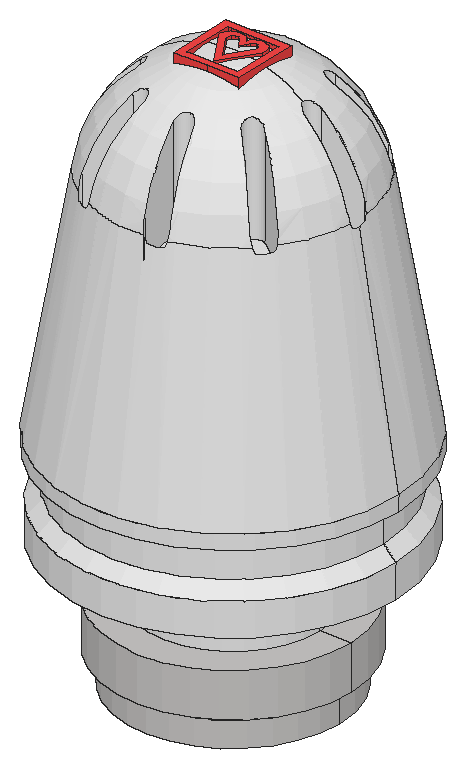
Revit family "HERZ-Thermostatkopf MINI GS M28x1.5 9200 03", category Rohrzubehör, Revit 2018
Family settings
  Bemaßung runder Anschluss = Durchmesser verwenden
  Teiletyp = Normal
  OmniClass-Nummer = 23.65.55.14
  OmniClass-Titel = Valves for Liquid Services
  Arbeitsebenenbasiert = Nein
  Immer vertikal = Nein
  Beim Laden mit Abzugskörper schneiden = Nein
  Gemeinsam genutzt = Nein
Parameters
  URL = "www.herz-armaturen.at"
  Thermostatkopf = "Kunststoff, weiß"  # constant formula
  Sollwertbereich = "0-30°C"  # constant formula
  S02 = 60 mm  # constant formula
  S01 = 73 mm  # constant formula
  Nullstellung = "Heizkörperthermostat mit Flüssigkeitsfühler (Hydrosensor) mit Stellung „0“, Frostsicherung einstellbar, mit Begrenzung und Blockierung des Sollwertbereiches."
  Hersteller = "HERZ Armaturen Ges.m.b.H."  # constant formula
  Funktionsweise = "Der HERZ-Thermostat dient als Fühl- und Regelelement. Durch die Volumsänderung der Flüssigkeitsfüllung im HERZ-Hydrosensor wird die Schubspindel des Ventils bewegt."
  Frostsicherung bei = 6 °C  # constant formula
  Sollwertbereich Frostsicherung = "6-30°C"  # constant formula
  Frostsicherung = "Heizkörperthermostat  mit  Flüssigkeitsfühler  (Hydrosensor)  mit  automatischer  Frostsicherung  und  Be-grenzung und Blockierung des Sollwertbereiches."
  Bestellnummer = 1920003  # constant formula
  Anwendungen = "Zur Montage auf Ventilen, die für thermostatischen Betrieb eingerichtet sind.Artikelnummern, Dimensionen und Lieferform der HERZ Ventile sind den jeweiligen Produktnormblättern zu entnehmen."
Reference planes
  plane 1 "Mitte (Vorne/hinten)": y = 0
  plane 2: z = 0
  plane 3 "Mitte (Links/rechts)": x = 0
Forms (mm)
  Revolve 1, solid, material "Kunststoff weiß", detail levels fine
    sketch origin (0, 0, 0) x (1, 0, 0) y (0, 0, 1)
      loop
        line (0, 0) -> (0, 73)
        arc (0, 73) -> (-11.397, 68.78) -> (-17.297, 58.156) r 17.5
        arc (-17.297, 58.156) -> (-20.011, 42.065) -> (-22.88, 26) r 1681.293
        line (-22.88, 26) -> (-22.88, 24) -> (-20.75, 24) -> (-20.75, 19.25) -> (-22.5, 17.5) -> (-22.5, 13) -> (-12.8, 13)
        arc (-12.8, 13) -> (-12.234, 12.766) -> (-12, 12.2) r 0.8
        line (-12, 12.2) -> (-12, 4.8) -> (-13.2, 4.8) -> (-13.2, 0) -> (0, 0)
      axis (0, 73) -> (0, 0)
    angle from 0 to 360
  Revolve 2, solid, material "Messing verzinkt", detail levels fine
    sketch origin (0, 0, 0) x (1, 0, 0) y (0, 0, 1)
      loop
        line (0, 0) -> (0, 5.5) -> (-16.35, 5.5) -> (-16.35, -0.576) -> (-14.75, -1.5) -> (-14.75, -5) -> (-13.35, -5) -> (-13.35, 0) -> (0, 0)
      axis (0, 5.5) -> (0, -5)
    angle from 0 to 360
  Extrusion 3, void
    sketch origin (0, 0, 0) x (1, 0, 0) y (0, 1, 0)
      loop
        arc (11.027, 1.298) -> (9.8, 0) -> (11.027, -1.298) r 1.3
        line (11.027, -1.298) -> (16.77, -1.62)
        arc (16.77, -1.62) -> (17.178, -1.485) -> (17.384, -1.107) r 0.586
        arc (17.384, -1.107) -> (17.453, 0.011) -> (17.382, 1.129) r 9
        arc (17.382, 1.129) -> (17.183, 1.492) -> (16.79, 1.621) r 0.564
        line (16.79, 1.621) -> (11.027, 1.298)
      loop
        line (9.282, 6.094) -> (13.904, 9.55)
        arc (13.904, 9.55) -> (14.121, 9.902) -> (14.04, 10.308) r 0.564
        arc (14.04, 10.308) -> (13.376, 11.21) -> (12.605, 12.023) r 9
        arc (12.605, 12.023) -> (12.205, 12.18) -> (11.805, 12.021) r 0.586
        line (11.805, 12.021) -> (7.613, 8.082)
        arc (7.613, 8.082) -> (7.507, 6.299) -> (9.282, 6.094) r 1.3
      loop
        arc (0.637, 11.085) -> (1.702, 9.651) -> (3.193, 10.634) r 1.3
        line (3.193, 10.634) -> (4.508, 16.234)
        arc (4.508, 16.234) -> (4.445, 16.659) -> (4.109, 16.928) r 0.586
        arc (4.109, 16.928) -> (3.02, 17.189) -> (1.907, 17.313) r 9
        arc (1.907, 17.313) -> (1.515, 17.181) -> (1.319, 16.816) r 0.564
        line (1.319, 16.816) -> (0.637, 11.085)
      loop
        line (-4.39, 10.199) -> (-6.991, 15.351)
        arc (-6.991, 15.351) -> (-7.3, 15.626) -> (-7.713, 15.617) r 0.564
        arc (-7.713, 15.617) -> (-8.717, 15.12) -> (-9.651, 14.501) r 9
        arc (-9.651, 14.501) -> (-9.875, 14.134) -> (-9.788, 13.713) r 0.586
        line (-9.788, 13.713) -> (-6.638, 8.901)
        arc (-6.638, 8.901) -> (-4.9, 8.487) -> (-4.39, 10.199) r 1.3
      loop
        arc (-10.806, 2.552) -> (-9.209, 3.352) -> (-9.918, 4.991) r 1.3
        line (-9.918, 4.991) -> (-15.204, 7.258)
        arc (-15.204, 7.258) -> (-15.634, 7.271) -> (-15.957, 6.986) r 0.586
        arc (-15.957, 6.986) -> (-16.404, 5.959) -> (-16.719, 4.884) r 9
        arc (-16.719, 4.884) -> (-16.657, 4.475) -> (-16.332, 4.219) r 0.564
        line (-16.332, 4.219) -> (-10.806, 2.552)
      loop
        line (-10.806, -2.552) -> (-16.332, -4.219)
        arc (-16.332, -4.219) -> (-16.657, -4.475) -> (-16.719, -4.884) r 0.564
        arc (-16.719, -4.884) -> (-16.404, -5.959) -> (-15.957, -6.986) r 9
        arc (-15.957, -6.986) -> (-15.634, -7.271) -> (-15.204, -7.258) r 0.586
        line (-15.204, -7.258) -> (-9.918, -4.991)
        arc (-9.918, -4.991) -> (-9.209, -3.352) -> (-10.806, -2.552) r 1.3
      loop
        arc (9.282, -6.094) -> (7.507, -6.299) -> (7.613, -8.082) r 1.3
        line (7.613, -8.082) -> (11.805, -12.021)
        arc (11.805, -12.021) -> (12.205, -12.18) -> (12.605, -12.023) r 0.586
        arc (12.605, -12.023) -> (13.376, -11.21) -> (14.04, -10.308) r 9
        arc (14.04, -10.308) -> (14.121, -9.902) -> (13.904, -9.55) r 0.564
        line (13.904, -9.55) -> (9.282, -6.094)
      loop
        line (0.637, -11.085) -> (1.319, -16.816)
        arc (1.319, -16.816) -> (1.515, -17.181) -> (1.907, -17.313) r 0.564
        arc (1.907, -17.313) -> (3.02, -17.189) -> (4.109, -16.928) r 9
        arc (4.109, -16.928) -> (4.445, -16.659) -> (4.508, -16.234) r 0.586
        line (4.508, -16.234) -> (3.193, -10.634)
        arc (3.193, -10.634) -> (1.702, -9.651) -> (0.637, -11.085) r 1.3
      loop
        arc (-4.39, -10.199) -> (-4.9, -8.487) -> (-6.638, -8.901) r 1.3
        line (-6.638, -8.901) -> (-9.788, -13.713)
        arc (-9.788, -13.713) -> (-9.875, -14.134) -> (-9.651, -14.501) r 0.586
        arc (-9.651, -14.501) -> (-8.717, -15.12) -> (-7.713, -15.617) r 9
        arc (-7.713, -15.617) -> (-7.3, -15.626) -> (-6.991, -15.351) r 0.564
        line (-6.991, -15.351) -> (-4.39, -10.199)
    from 55 to 73
Cuts and joins
  Extrusion 3 cuts Revolve 1
Lines and regions (mm)
  model lines, detail levels coarse+medium
    curve 1: line (0, 0, 0) -> (0, 0, 13)
    curve 2: line (0, -0.017, 0) -> (0, 13, 0)
    curve 3: circle (0, 0, 43) r 30 normal (0, -1, 0)
    curve 4: circle (0, 0, 43) r 30 normal (1, 0, 0)
    curve 5: line (0, 0, 23) -> (0, 0, 63)
    curve 6: line (0, -17.5, 63) -> (0, 17.5, 63)
    curve 7: line (0, 0, 23) -> (0, 0, 63)
    curve 8: line (-17.5, 0, 63) -> (17.5, 0, 63)
    curve 9: circle (0, 43, 0) r 30 normal (0, 0, 1)
    curve 10: line (0, 23, 0) -> (0, 63, 0)
    curve 11: line (-17.5, 63, 0) -> (17.5, 63, 0)
Dimensions and locks
  "S01": curve 4 to plane 2
  "S01": curve 3 to plane 2
  "S01": plane 1 "Mitte (Vorne/hinten)" to curve 9
  "S02": diameter of curve 3
  "S02": diameter of curve 4
  "S02": diameter of curve 9
  aligned and locked: level to plane 2
Automatic sketch dimensions
  Revolve 1 sketch curve to level = 0 mm
  Revolve 1 sketch curve to plane 3 "Mitte (Links/rechts)" = 0 mm  (x2)
  Revolve 1 sketch curve to plane 3 "Mitte (Links/rechts)" = 12 mm
  Revolve 1 sketch curve to Revolve 1 sketch curve = 0.8 mm
  Revolve 1 sketch curve to Revolve 1 sketch curve = 1.2 mm
  Revolve 1 sketch curve to Revolve 1 sketch curve = 7.95 mm
  Revolve 1 sketch curve to Revolve 1 sketch curve = 1.75 mm  (x2)
  Revolve 1 sketch curve to Revolve 1 sketch curve = 2.13 mm
  level to Revolve 1 sketch curve = 329.658 mm
  Revolve 1 sketch curve to plane 3 "Mitte (Links/rechts)" = 1676.524 mm
  level to Revolve 1 sketch curve = 4.8 mm
  Revolve 1 sketch curve to Revolve 1 sketch curve = 7.4 mm
  Revolve 1 sketch curve to Revolve 1 sketch curve = 4.5 mm
  Revolve 1 sketch curve to Revolve 1 sketch curve = 4.75 mm
  Revolve 1 sketch curve to Revolve 1 sketch curve = 2 mm
  Revolve 1 sketch curve to Revolve 1 sketch curve = 29.5 mm
  Revolve 1 sketch curve to Revolve 1 sketch curve = 17.5 mm
  Revolve 1 sketch curve to level = 366.045 mm
  Revolve 1 sketch curve to Revolve 1 sketch curve = 2141.315 mm
  Revolve 2 sketch curve to level = 0 mm
  Revolve 2 sketch curve to plane 3 "Mitte (Links/rechts)" = 0 mm  (x2)
  Revolve 2 sketch curve to level = 5 mm
  Revolve 2 sketch curve to plane 3 "Mitte (Links/rechts)" = 13.35 mm
  Revolve 2 sketch curve to Revolve 2 sketch curve = 1.4 mm
  Revolve 2 sketch curve to level = 0.576 mm
  Revolve 2 sketch curve to Revolve 2 sketch curve = 1.6 mm
  Revolve 2 sketch curve to level = 1.5 mm
  level to Revolve 2 sketch curve = 5.5 mm
  Revolve 2 sketch curve to Revolve 2 sketch curve = 361.045 mm
  Revolve 2 sketch curve to Revolve 2 sketch curve = 2208.815 mm
  plane 1 "Mitte (Vorne/hinten)" to Extrusion 3 sketch curve = 0 mm  (x2)
  Extrusion 3 sketch curve to plane 1 "Mitte (Vorne/hinten)" = 4.219 mm
  Extrusion 3 sketch curve to plane 3 "Mitte (Links/rechts)" = 16.332 mm
  plane 1 "Mitte (Vorne/hinten)" to Extrusion 3 sketch curve = 4.219 mm
  Extrusion 3 sketch curve to Extrusion 3 sketch curve = 0 mm  (x11)
  Extrusion 3 sketch curve to Extrusion 3 sketch curve = 0.163 mm  (x2)
  Extrusion 3 sketch curve to Extrusion 3 sketch curve = 0.734 mm  (x2)
  plane 1 "Mitte (Vorne/hinten)" to Extrusion 3 sketch curve = 7.258 mm
  Extrusion 3 sketch curve to Extrusion 3 sketch curve = 0.231 mm  (x2)
  Extrusion 3 sketch curve to plane 1 "Mitte (Vorne/hinten)" = 7.258 mm
  plane 1 "Mitte (Vorne/hinten)" to Extrusion 3 sketch curve = 2.552 mm
  Extrusion 3 sketch curve to Extrusion 3 sketch curve = 5.526 mm
  Extrusion 3 sketch curve to plane 1 "Mitte (Vorne/hinten)" = 2.552 mm
  Extrusion 3 sketch curve to Extrusion 3 sketch curve = 0.375 mm  (x2)
  Extrusion 3 sketch curve to Extrusion 3 sketch curve = 0.512 mm  (x2)
  Extrusion 3 sketch curve to Extrusion 3 sketch curve = 5.416 mm  (x2)
  Extrusion 3 sketch curve to Extrusion 3 sketch curve = 0.49 mm  (x2)
  Extrusion 3 sketch curve to Extrusion 3 sketch curve = 2.488 mm  (x2)
  Extrusion 3 sketch curve to Extrusion 3 sketch curve = 1.803 mm  (x2)
  Extrusion 3 sketch curve to Extrusion 3 sketch curve = 0.504 mm  (x2)
  Extrusion 3 sketch curve to Extrusion 3 sketch curve = 3.281 mm  (x2)
  Extrusion 3 sketch curve to Extrusion 3 sketch curve = 1.088 mm  (x2)
  Extrusion 3 sketch curve to Extrusion 3 sketch curve = 1.16 mm  (x2)
  Extrusion 3 sketch curve to Extrusion 3 sketch curve = 1.324 mm  (x2)
  plane 3 "Mitte (Links/rechts)" to Extrusion 3 sketch curve = 0.637 mm  (x2)
  plane 3 "Mitte (Links/rechts)" to Extrusion 3 sketch curve = 1.319 mm  (x2)
  plane 3 "Mitte (Links/rechts)" to Extrusion 3 sketch curve = 1.468 mm  (x2)
  Extrusion 3 sketch curve to Extrusion 3 sketch curve = 0.561 mm  (x2)
  Extrusion 3 sketch curve to Extrusion 3 sketch curve = 1.291 mm  (x2)
  Extrusion 3 sketch curve to Extrusion 3 sketch curve = 1.266 mm  (x2)
  Extrusion 3 sketch curve to Extrusion 3 sketch curve = 2.058 mm  (x2)
  Extrusion 3 sketch curve to Extrusion 3 sketch curve = 0.57 mm  (x2)
  Extrusion 3 sketch curve to Extrusion 3 sketch curve = 5.007 mm  (x2)
  Extrusion 3 sketch curve to Extrusion 3 sketch curve = 1.138 mm  (x2)
  Extrusion 3 sketch curve to Extrusion 3 sketch curve = 1.978 mm
  Extrusion 3 sketch curve to Extrusion 3 sketch curve = 0.89 mm  (x2)
  Extrusion 3 sketch curve to Extrusion 3 sketch curve = 0.779 mm  (x2)
  plane 1 "Mitte (Vorne/hinten)" to Extrusion 3 sketch curve = 1.298 mm
  Extrusion 3 sketch curve to Extrusion 3 sketch curve = 2.575 mm
  Extrusion 3 sketch curve to Extrusion 3 sketch curve = 0.073 mm
  Extrusion 3 sketch curve to Extrusion 3 sketch curve = 4.192 mm  (x2)
  Extrusion 3 sketch curve to Extrusion 3 sketch curve = 0.401 mm  (x2)
  Extrusion 3 sketch curve to Extrusion 3 sketch curve = 1.36 mm  (x2)
  Extrusion 3 sketch curve to Extrusion 3 sketch curve = 0.338 mm  (x2)
  plane 1 "Mitte (Vorne/hinten)" to Extrusion 3 sketch curve = 1.62 mm
  Extrusion 3 sketch curve to Extrusion 3 sketch curve = 5.743 mm
  Extrusion 3 sketch curve to plane 1 "Mitte (Vorne/hinten)" = 1.621 mm
  Extrusion 3 sketch curve to Extrusion 3 sketch curve = 0.02 mm
  Extrusion 3 sketch curve to Extrusion 3 sketch curve = 0.033 mm
  Extrusion 3 sketch curve to Extrusion 3 sketch curve = 0.032 mm
  plane 1 "Mitte (Vorne/hinten)" to Extrusion 3 sketch curve = 7.32 mm
  Extrusion 3 sketch curve to Extrusion 3 sketch curve = 6.784 mm
  Extrusion 3 sketch curve to Extrusion 3 sketch curve = 1.004 mm
  Extrusion 3 sketch curve to Extrusion 3 sketch curve = 1.581 mm  (x2)
  Extrusion 3 sketch curve to Extrusion 3 sketch curve = 1.468 mm
  Extrusion 3 sketch curve to Extrusion 3 sketch curve = 0.712 mm  (x2)
  Extrusion 3 sketch curve to Extrusion 3 sketch curve = 0.452 mm  (x2)
  Extrusion 3 sketch curve to Extrusion 3 sketch curve = 2.31 mm  (x2)
  Extrusion 3 sketch curve to Extrusion 3 sketch curve = 0.297 mm  (x2)
  Extrusion 3 sketch curve to Extrusion 3 sketch curve = 1.591 mm  (x2)
  Extrusion 3 sketch curve to Extrusion 3 sketch curve = 0.427 mm  (x2)
  Extrusion 3 sketch curve to Extrusion 3 sketch curve = 4.812 mm  (x2)
  Extrusion 3 sketch curve to Extrusion 3 sketch curve = 0.321 mm  (x2)
  Extrusion 3 sketch curve to Extrusion 3 sketch curve = 1.063 mm  (x2)
  Extrusion 3 sketch curve to Extrusion 3 sketch curve = 0.254 mm  (x2)
  Extrusion 3 sketch curve to Extrusion 3 sketch curve = 5.599 mm  (x2)
  Extrusion 3 sketch curve to Extrusion 3 sketch curve = 0.134 mm  (x2)
  Extrusion 3 sketch curve to Extrusion 3 sketch curve = 0.382 mm  (x2)
  Extrusion 3 sketch curve to Extrusion 3 sketch curve = 0.067 mm  (x2)
  Extrusion 3 sketch curve to Extrusion 3 sketch curve = 0.947 mm
  Extrusion 3 sketch curve to Extrusion 3 sketch curve = 0.539 mm  (x2)
  Extrusion 3 sketch curve to Extrusion 3 sketch curve = 1.702 mm
  Extrusion 3 sketch curve to Extrusion 3 sketch curve = 2.439 mm
  Extrusion 3 sketch curve to Extrusion 3 sketch curve = 0.54 mm  (x2)
  Extrusion 3 sketch curve to Extrusion 3 sketch curve = 0.905 mm
  Extrusion 3 sketch curve to Extrusion 3 sketch curve = 0.585 mm
  Extrusion 3 sketch curve to Extrusion 3 sketch curve = 0.564 mm
  Extrusion 3 sketch curve to Extrusion 3 sketch curve = 0.339 mm
  Extrusion 3 sketch curve to Extrusion 3 sketch curve = 1.245 mm
  Extrusion 3 sketch curve to plane 1 "Mitte (Vorne/hinten)" = 5.433 mm
  Extrusion 3 sketch curve to Extrusion 3 sketch curve = 0.661 mm
  Extrusion 3 sketch curve to Extrusion 3 sketch curve = 1.041 mm
  Extrusion 3 sketch curve to Extrusion 3 sketch curve = 4.429 mm
  Extrusion 3 sketch curve to Extrusion 3 sketch curve = 2.891 mm
  Extrusion 3 sketch curve to Extrusion 3 sketch curve = 3.456 mm
  Extrusion 3 sketch curve to plane 1 "Mitte (Vorne/hinten)" = 1.298 mm  (x2)
  curve 5 to plane 1 "Mitte (Vorne/hinten)" = 0 mm
  curve 4 to plane 1 "Mitte (Vorne/hinten)" = 0 mm
  plane 1 "Mitte (Vorne/hinten)" to curve 6 = 17.5 mm
  curve 5 to curve 6 = 17.5 mm
  curve 5 to curve 4 = 20 mm
  curve 4 to curve 6 = 20 mm
  curve 3 to plane 3 "Mitte (Links/rechts)" = 0 mm
  curve 7 to plane 3 "Mitte (Links/rechts)" = 0 mm
  curve 1 to plane 3 "Mitte (Links/rechts)" = 0 mm
  curve 1 to level = 0 mm
  curve 8 to curve 7 = 17.5 mm
  plane 3 "Mitte (Links/rechts)" to curve 8 = 17.5 mm
  curve 1 to curve 7 = 10 mm
  curve 3 to curve 8 = 20 mm
  curve 9 to plane 3 "Mitte (Links/rechts)" = 0 mm
  curve 10 to plane 3 "Mitte (Links/rechts)" = 0 mm
  curve 2 to plane 3 "Mitte (Links/rechts)" = 0 mm
  curve 11 to curve 10 = 17.5 mm
  plane 3 "Mitte (Links/rechts)" to curve 11 = 17.5 mm
  plane 1 "Mitte (Vorne/hinten)" to curve 2 = 0.017 mm
  curve 2 to curve 10 = 10 mm
  curve 9 to curve 11 = 20 mm
Nested families
  nested 1: "Herz-Logo" at (0, 0, 71.5), type "Herz-Logo", detail levels fine
Definition of nested family "Herz-Logo"
  Reference planes
    plane 1 "Mitte (Vorne/hinten)": y = 0
    plane 2: z = 0
    plane 3 "Mitte (Links/rechts)": x = 0
  Forms (mm)
    Extrusion 1, solid
      sketch origin (0, 0, 0) x (1, 0, 0) y (0, 1, 0)
        loop
          line (-0.018, -4.517) -> (4.482, -4.517) -> (4.482, 4.483) -> (-4.518, 4.483) -> (-4.518, -4.517) -> (-0.018, -4.517)
        loop
          line (-0.05, -3.48) -> (3.482, -3.48) -> (3.482, 3.483) -> (-3.518, 3.483) -> (-3.518, -3.48) -> (-0.05, -3.48)
        loop
          arc (-0.018, 2.383) -> (-1.543, 3.287) -> (-3.067, 2.383) r 1.738
          arc (-3.067, 2.383) -> (-3.191, 1.899) -> (-3.067, 1.415) r 1.009
          line (-3.067, 1.415) -> (-0.018, -3.281) -> (3.032, 1.415)
          arc (3.032, 1.415) -> (3.156, 1.899) -> (3.032, 2.383) r 1.009
          arc (3.032, 2.383) -> (1.507, 3.287) -> (-0.018, 2.383) r 1.738
        loop
          arc (1.885, 1.272) -> (2.005, 1.675) -> (1.885, 2.079) r 0.74
          arc (1.885, 2.079) -> (1.265, 2.416) -> (0.644, 2.079) r 0.74
          line (0.644, 2.079) -> (-0.018, 0.97) -> (-0.679, 2.079)
          arc (-0.679, 2.079) -> (-1.3, 2.416) -> (-1.921, 2.079) r 0.74
          arc (-1.921, 2.079) -> (-2.04, 1.675) -> (-1.921, 1.272) r 0.74
          line (-1.921, 1.272) -> (-0.018, -1.658) -> (1.885, 1.272)
      from 0 to 1.5
  Dimensions and locks
    aligned and locked: level to plane 2
